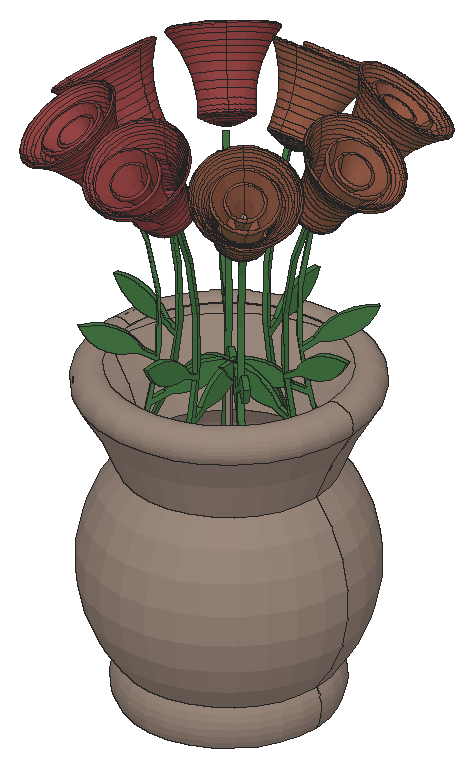
Revit family (continued)
Forms (in)
  Revolve 32, solid, material "Flower Pink" <- "Flower Set -II"
    sketch origin (-10.26929, 11.21692, -6.30423) x (0.551748, -0.591678, -0.587785) y (0.400869, -0.429879, 0.809017)
      loop
        arc (1.38999, 35.0988) -> (1.44709, 35.21549) -> (1.50777, 35.33036) r 4.19477
        arc (1.50777, 35.33036) -> (1.5607, 35.42403) -> (1.61601, 35.51631) r 4.19477
        arc (1.61601, 35.51631) -> (1.6938, 35.63766) -> (1.7757, 35.75628) r 4.19477
        arc (1.7757, 35.75628) -> (1.83604, 35.83839) -> (1.89835, 35.91902) r 4.19477
        arc (1.89835, 35.91902) -> (1.94859, 35.98118) -> (2, 36.04238) r 4.19477
      axis (0, 32.67841) -> (0, 36.11441)
    angle from 0 to 360
  Revolve 33, solid, material "Flower Pink" <- "Flower Set -II"
    sketch origin (-10.26929, 11.21692, -6.30423) x (0.551748, -0.591678, -0.587785) y (0.400869, -0.429879, 0.809017)
      loop
        arc (1.23594, 35.79819) -> (1.22567, 35.86323) -> (1.1605, 35.87263) r 0.05546
        arc (1.1605, 35.87263) -> (0.7324, 34.7401) -> (0.61202, 33.53536) r 4.63792
        arc (0.61202, 33.53536) -> (0.34476, 33.29826) -> (0, 33.20453) r 0.78324
        line (0, 33.20453) -> (0, 33.10291)
        arc (0, 33.10291) -> (0.40686, 33.21654) -> (0.71467, 33.50586) r 0.88481
        arc (0.71467, 33.50586) -> (0.82423, 34.68638) -> (1.23594, 35.79819) r 4.53636
      axis (0, 33.10291) -> (0, 35.87263)
    angle from 0 to 360
  Revolve 34, solid, material "Flower Pink" <- "Flower Set -II"
    sketch origin (-10.26929, 11.21692, -6.30423) x (0.551748, -0.591678, -0.587785) y (0.400869, -0.429879, 0.809017)
      loop
        arc (0.69484, 35.60258) -> (0.68468, 35.66765) -> (0.61948, 35.67691) r 0.05533
        arc (0.61948, 35.67691) -> (0.24337, 34.7392) -> (0.09092, 33.74045) r 4.40274
        arc (0.09092, 33.74045) -> (0.02895, 33.69285) -> (-0.04006, 33.65617) r 0.4704
        line (-0.04006, 33.65617) -> (-0.04006, 33.5474)
        arc (-0.04006, 33.5474) -> (0.08466, 33.60793) -> (0.19114, 33.69668) r 0.57196
        arc (0.19114, 33.69668) -> (0.33233, 34.67888) -> (0.69484, 35.60258) r 4.30118
      axis (-0.04006, 33.5474) -> (-0.04006, 35.67691)
    angle from 0 to 360
  Revolve 35, solid
    sketch origin (-10.26929, 11.21692, -6.30423) x (0.551748, -0.591678, -0.587785) y (0.400869, -0.429879, 0.809017)
      loop
        line (-0.04006, 33.74045) -> (0.03728, 33.74045) -> (0.03728, 34.3167)
        arc (0.03728, 34.3167) -> (0.03538, 34.46074) -> (-0.04006, 34.58346) r 0.27101
        line (-0.04006, 34.58346) -> (-0.04006, 33.74045)
      axis (-0.04006, 33.74045) -> (-0.04006, 34.58346)
    angle from 0 to 360
  Extrusion 36, solid, material "Leaves"
    sketch origin (2.05578, -1.99146, -13.31086) x (0.681998, -0.731354, 0) y (0, 0, 1)
      loop
        line (0.705, 33.42964) -> (0.62867, 33.50597)
        arc (0.62867, 33.50597) -> (-0.53126, 29.37948) -> (-0.27295, 25.10084) r 12.88106
        line (-0.27295, 25.10084) -> (-0.71852, 25.3581)
        arc (-0.71852, 25.3581) -> (-1.68232, 26.26274) -> (-2.99268, 26.4366) r 2.16036
        arc (-2.99268, 26.4366) -> (-2.17388, 25.49091) -> (-0.94548, 25.25465) r 1.91016
        line (-0.94548, 25.25465) -> (-0.21653, 24.86706)
        arc (-0.21653, 24.86706) -> (-0.15719, 24.63965) -> (-0.0937, 24.41335) r 12.88106
        arc (-0.0937, 24.41335) -> (0.99935, 21.48762) -> (0.89338, 18.36617) r 8.02922
        line (0.89338, 18.36617) -> (0.97772, 18.28184)
        arc (0.97772, 18.28184) -> (1.10569, 21.46606) -> (0, 24.45489) r 8.13078
        arc (0, 24.45489) -> (-0.25608, 25.5047) -> (-0.42256, 26.57239) r 12.7795
        line (-0.42256, 26.57239) -> (0.22696, 26.94739)
        arc (0.22696, 26.94739) -> (1.45535, 27.18364) -> (2.27416, 28.12934) r 1.91016
        arc (2.27416, 28.12934) -> (0.9638, 27.95547) -> (0, 27.05083) r 2.16036
        line (0, 27.05083) -> (-0.44557, 26.79358)
        arc (-0.44557, 26.79358) -> (-0.31532, 30.18877) -> (0.705, 33.42964) r 12.7795
    from -0.20024 to 0
  Revolve 37, solid, material "Flower Red" <- "Flowers Set -1"
    sketch origin (10.58102, 11.46692, -6.30423) x (-0.551748, -0.591678, -0.587785) y (0.400869, 0.429879, -0.809017)
      loop
        arc (2, -36.04238) -> (1.94859, -35.98118) -> (1.89835, -35.91902) r 4.19477
        arc (1.89835, -35.91902) -> (1.83604, -35.83839) -> (1.7757, -35.75628) r 4.19477
        arc (1.7757, -35.75628) -> (1.6938, -35.63766) -> (1.61601, -35.51631) r 4.19477
        arc (1.61601, -35.51631) -> (1.5607, -35.42403) -> (1.50777, -35.33036) r 4.19477
        arc (1.50777, -35.33036) -> (1.44709, -35.21549) -> (1.38999, -35.0988) r 4.19477
        arc (1.38999, -35.0988) -> (1.33175, -34.96931) -> (1.27793, -34.83793) r 4.19477
        arc (1.27793, -34.83793) -> (1.21585, -34.66801) -> (1.16115, -34.49557) r 4.19477
        arc (1.16115, -34.49557) -> (1.12011, -34.3456) -> (1.08466, -34.19421) r 4.19477
        arc (1.08466, -34.19421) -> (1.0576, -34.05706) -> (1.03513, -33.91908) r 4.19477
        arc (1.03513, -33.91908) -> (1.01309, -33.74154) -> (0.99864, -33.56322) r 4.19477
        arc (0.99864, -33.56322) -> (0.99343, -33.45003) -> (0.99128, -33.33675) r 4.19477
        arc (0.99128, -33.33675) -> (0.9916, -33.25687) -> (0.99344, -33.17702) r 4.19477
        arc (0.99344, -33.17702) -> (0.99516, -33.13192) -> (0.99735, -33.08685) r 4.19477
        arc (0.99735, -33.08685) -> (0.99862, -33.06461) -> (1, -33.04238) r 4.19477
        arc (1, -33.04238) -> (0.96896, -33.02649) -> (0.93779, -33.01085) r 4.15257
        arc (0.93779, -33.01085) -> (0.88912, -32.98708) -> (0.84015, -32.96396) r 4.15257
        arc (0.84015, -32.96396) -> (0.81478, -32.95228) -> (0.78934, -32.94078) r 4.15257
        arc (0.78934, -32.94078) -> (0.72275, -32.91164) -> (0.65567, -32.88368) r 4.15257
        arc (0.65567, -32.88368) -> (0.57778, -32.85292) -> (0.4993, -32.82374) r 4.15257
        arc (0.4993, -32.82374) -> (0.45341, -32.80751) -> (0.40735, -32.79181) r 4.15257
        arc (0.40735, -32.79181) -> (0.35989, -32.77627) -> (0.31224, -32.76131) r 4.15257
        arc (0.31224, -32.76131) -> (0.25288, -32.74353) -> (0.19326, -32.72664) r 4.15257
        arc (0.19326, -32.72664) -> (0.16011, -32.71767) -> (0.12689, -32.70897) r 4.15257
        arc (0.12689, -32.70897) -> (0.06357, -32.69319) -> (0, -32.67841) r 4.15257
        line (0, -32.67841) -> (0, -32.78256)
        arc (0, -32.78256) -> (0.04854, -32.79405) -> (0.09694, -32.80613) r 4.05101
        arc (0.09694, -32.80613) -> (0.17518, -32.82702) -> (0.25299, -32.84946) r 4.05101
        arc (0.25299, -32.84946) -> (0.32843, -32.87284) -> (0.4034, -32.89769) r 4.05101
        arc (0.4034, -32.89769) -> (0.48741, -32.92749) -> (0.57075, -32.95912) r 4.05101
        arc (0.57075, -32.95912) -> (0.64859, -32.99059) -> (0.72576, -33.02367) r 4.05101
        arc (0.72576, -33.02367) -> (0.78259, -33.04924) -> (0.83901, -33.07569) r 4.05101
        arc (0.83901, -33.07569) -> (0.86697, -33.08919) -> (0.89483, -33.10291) r 4.05101
        arc (0.89483, -33.10291) -> (0.89332, -33.13625) -> (0.89207, -33.1696) r 4.29633
        arc (0.89207, -33.1696) -> (0.88997, -33.26131) -> (0.88983, -33.35305) r 4.29633
        arc (0.88983, -33.35305) -> (0.89175, -33.44792) -> (0.89576, -33.54273) r 4.29633
        arc (0.89576, -33.54273) -> (0.90167, -33.6348) -> (0.90955, -33.72673) r 4.29633
        arc (0.90955, -33.72673) -> (0.91925, -33.81712) -> (0.93085, -33.90729) r 4.29633
        arc (0.93085, -33.90729) -> (0.94325, -33.99025) -> (0.95727, -34.07295) r 4.29633
        arc (0.95727, -34.07295) -> (0.98068, -34.19344) -> (1.00753, -34.31321) r 4.29633
        arc (1.00753, -34.31321) -> (1.03912, -34.43712) -> (1.07439, -34.56004) r 4.29633
        arc (1.07439, -34.56004) -> (1.09454, -34.62465) -> (1.1157, -34.68895) r 4.29633
        arc (1.1157, -34.68895) -> (1.13445, -34.74325) -> (1.15393, -34.7973) r 4.29633
        arc (1.15393, -34.7973) -> (1.19904, -34.91458) -> (1.24756, -35.03049) r 4.29633
        arc (1.24756, -35.03049) -> (1.28706, -35.11839) -> (1.32851, -35.20538) r 4.29633
        arc (1.32851, -35.20538) -> (1.37065, -35.28899) -> (1.41459, -35.37165) r 4.29633
        arc (1.41459, -35.37165) -> (1.46026, -35.45322) -> (1.50769, -35.53377) r 4.29633
        arc (1.50769, -35.53377) -> (1.56244, -35.62206) -> (1.61931, -35.70899) r 4.29633
        arc (1.61931, -35.70899) -> (1.66007, -35.76859) -> (1.70183, -35.8275) r 4.29633
        arc (1.70183, -35.8275) -> (1.75101, -35.89431) -> (1.80149, -35.96016) r 4.29633
        arc (1.80149, -35.96016) -> (1.83714, -36.00514) -> (1.8734, -36.04964) r 4.29633
        arc (1.8734, -36.04964) -> (1.90053, -36.08216) -> (1.92798, -36.11441) r 4.29633
        arc (1.92798, -36.11441) -> (1.96042, -36.10669) -> (1.98591, -36.08518) r 0.07202
        arc (1.98591, -36.08518) -> (1.99639, -36.06491) -> (2, -36.04238) r 0.07202
      axis (0, -32.67841) -> (0, -36.11441)
    angle from 0 to 360
  Revolve 38, solid, material "Flower Red" <- "Flowers Set -1"
    sketch origin (10.58102, 11.46692, -6.30423) x (-0.551748, -0.591678, -0.587785) y (0.400869, 0.429879, -0.809017)
      loop
        arc (1.23594, -35.79819) -> (0.82423, -34.68638) -> (0.71467, -33.50586) r 4.53636
        arc (0.71467, -33.50586) -> (0.40686, -33.21654) -> (0, -33.10291) r 0.88481
        line (0, -33.10291) -> (0, -33.20453)
        arc (0, -33.20453) -> (0.34476, -33.29826) -> (0.61202, -33.53536) r 0.78324
        arc (0.61202, -33.53536) -> (0.7324, -34.7401) -> (1.1605, -35.87263) r 4.63792
        arc (1.1605, -35.87263) -> (1.22567, -35.86323) -> (1.23594, -35.79819) r 0.05546
      axis (0, -33.10291) -> (0, -35.87263)
    angle from 0 to 360
  Revolve 39, solid, material "Flower Red" <- "Flowers Set -1"
    sketch origin (10.58102, 11.46692, -6.30423) x (-0.551748, -0.591678, -0.587785) y (0.400869, 0.429879, -0.809017)
      loop
        arc (0.69484, -35.60258) -> (0.33233, -34.67888) -> (0.19114, -33.69668) r 4.30118
        arc (0.19114, -33.69668) -> (0.08466, -33.60793) -> (-0.04006, -33.5474) r 0.57196
        line (-0.04006, -33.5474) -> (-0.04006, -33.65617)
        arc (-0.04006, -33.65617) -> (0.02895, -33.69285) -> (0.09092, -33.74045) r 0.4704
        arc (0.09092, -33.74045) -> (0.24337, -34.7392) -> (0.61948, -35.67691) r 4.40274
        arc (0.61948, -35.67691) -> (0.68468, -35.66765) -> (0.69484, -35.60258) r 0.05533
      axis (-0.04006, -33.5474) -> (-0.04006, -35.67691)
    angle from 0 to 360
  Revolve 40, solid
    sketch origin (10.58102, 11.46692, -6.30423) x (-0.551748, -0.591678, -0.587785) y (0.400869, 0.429879, -0.809017)
      loop
        line (-0.04006, -33.74045) -> (-0.04006, -34.58346)
        arc (-0.04006, -34.58346) -> (0.03538, -34.46074) -> (0.03728, -34.3167) r 0.27101
        line (0.03728, -34.3167) -> (0.03728, -33.74045) -> (-0.04006, -33.74045)
      axis (-0.04006, -33.74045) -> (-0.04006, -34.58346)
    angle from 0 to 360
  Extrusion 41, solid, material "Leaves"
    sketch origin (-2.05654, -2.08521, -13.31086) x (-0.681998, -0.731354, 0) y (0, 0, -1)
      loop
        arc (0.705, -33.42964) -> (-0.31532, -30.18877) -> (-0.44557, -26.79358) r 12.7795
        line (-0.44557, -26.79358) -> (0, -27.05083)
        arc (0, -27.05083) -> (0.9638, -27.95547) -> (2.27416, -28.12934) r 2.16036
        arc (2.27416, -28.12934) -> (1.45535, -27.18364) -> (0.22696, -26.94739) r 1.91016
        line (0.22696, -26.94739) -> (-0.42256, -26.57239)
        arc (-0.42256, -26.57239) -> (-0.25608, -25.5047) -> (0, -24.45489) r 12.7795
        arc (0, -24.45489) -> (1.10569, -21.46606) -> (0.97772, -18.28184) r 8.13078
        line (0.97772, -18.28184) -> (0.89338, -18.36617)
        arc (0.89338, -18.36617) -> (0.99935, -21.48762) -> (-0.0937, -24.41335) r 8.02922
        arc (-0.0937, -24.41335) -> (-0.15719, -24.63965) -> (-0.21653, -24.86706) r 12.88106
        line (-0.21653, -24.86706) -> (-0.94548, -25.25465)
        arc (-0.94548, -25.25465) -> (-2.17388, -25.49091) -> (-2.99268, -26.4366) r 1.91016
        arc (-2.99268, -26.4366) -> (-1.68232, -26.26274) -> (-0.71852, -25.3581) r 2.16036
        line (-0.71852, -25.3581) -> (-0.27295, -25.10084)
        arc (-0.27295, -25.10084) -> (-0.53126, -29.37948) -> (0.62867, -33.50597) r 12.88106
        line (0.62867, -33.50597) -> (0.705, -33.42964)
    from -0.20024 to 0
